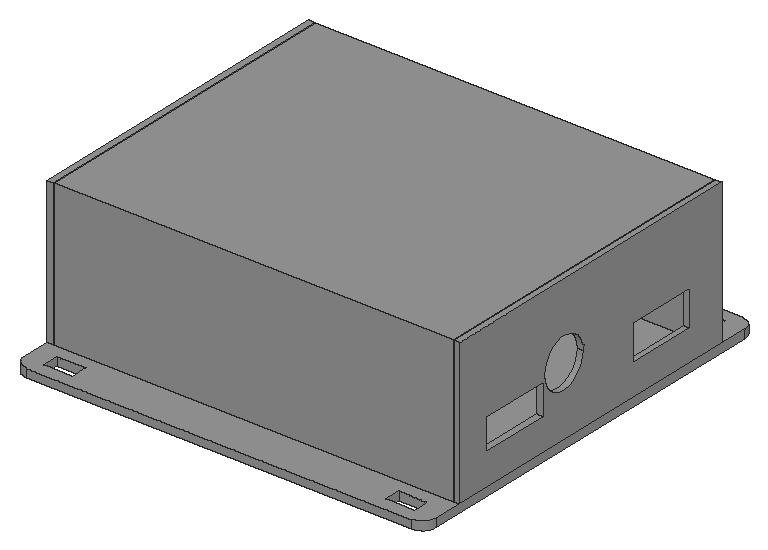
Revit family "Kombischutzgerät 3in1- PND-3in1-C-OS", category Generic Models, Revit 2017
Family settings
  Can host rebar = No
  Round Connector Dimension = Use Diameter
  Part Type = Normal
  Work Plane-Based = No
  Always vertical = Yes
  Cut with Voids When Loaded = No
  Shared = No
  Room Calculation Point = No
Parameters (values of type "PND-3in1-C-OS")
  URL = "http://www.obo-bettermann.com"
  Material = Aluminium
  Manufacturer Art.No. = "5081072"
  Manufacturer = "OBO BETTERMANN"
  GTIN = "4012196676972"
  Article Type = "PND-3in1-C-OS"
Reference planes
  plane 1 "Center (Front/Back)": y = 0
  plane 2: z = 0
  plane 3 "Center (Left/Right)": x = 0
  plane 4: z = 2
  plane 5: y = 95
  plane 6: x = 8.5
  plane 7: x = 50
  plane 8: y = 50
  plane 9: y = 95
  plane 10: x = 91.5
  plane 11: y = 5
  plane 12: x = 91.5
  plane 13: y = 5
  plane 14: x = 8.5
  plane 15: z = 37.1
  plane 16: y = 89.7
  plane 17: y = 10.3
  plane 18: x = 98.494
  plane 19: x = 1.5
  plane 20: y = 42.05
  plane 21: z = 18.75
  plane 22: y = 35.7
  plane 23: z = 17.3
  plane 24: y = 80.2
  plane 25: z = 18.25
Forms (mm)
  Extrusion 1, solid, material "Aluminium"
    sketch origin (0, 0, 0) x (1, 0, 0) y (0, 1, 0)
      loop
        line (3.3, 0) -> (96.7, 0)
        arc (96.7, 0) -> (99.033, 0.967) -> (100, 3.3) r 3.3
        line (100, 3.3) -> (100, 96.7)
        arc (100, 96.7) -> (99.033, 99.033) -> (96.7, 100) r 3.3
        line (96.7, 100) -> (3.3, 100)
        arc (3.3, 100) -> (0.967, 99.033) -> (0, 96.7) r 3.3
        line (0, 96.7) -> (0, 3.3)
        arc (0, 3.3) -> (0.967, 0.967) -> (3.3, 0) r 3.3
    from 0 to 2
  Extrusion 2, void
    sketch origin (0, 0, 0) x (1, 0, 0) y (0, 1, 0)
      loop
        line (5.01, 96.991) -> (5.01, 92.991) -> (12.01, 92.991) -> (12.01, 96.991) -> (5.01, 96.991)
    from 0 to 2
  Extrusion 3, void
    sketch origin (100, 0, 0) x (-1, 0, 0) y (0, -1, 0)
      loop
        line (5.01, -96.991) -> (12.01, -96.991) -> (12.01, -92.991) -> (5.01, -92.991) -> (5.01, -96.991)
    from 0 to 2
  Extrusion 4, void
    sketch origin (100, 100, 0) x (-1, 0, 0) y (0, -1, 0)
      loop
        line (5.01, 96.991) -> (5.01, 92.991) -> (12.01, 92.991) -> (12.01, 96.991) -> (5.01, 96.991)
    from 0 to 2
  Extrusion 5, void
    sketch origin (0, 100, 0) x (1, 0, 0) y (0, 1, 0)
      loop
        line (5.01, -96.991) -> (12.01, -96.991) -> (12.01, -92.991) -> (5.01, -92.991) -> (5.01, -96.991)
    from 0 to 2
  Extrusion 6, solid, material "Aluminium" <- "Material"
    sketch origin (0, 0, 0) x (0, 1, 0) y (0, 0, 1)
      loop
        line (10.3, 2) -> (12.3, 2) -> (12.3, 35.1) -> (87.7, 35.1) -> (87.7, 2) -> (89.7, 2) -> (89.7, 37.1) -> (10.3, 37.1) -> (10.3, 2)
    from 1.5 to 98.494
  Extrusion 7, solid, material "Aluminium" <- "Material"
    sketch origin (0, 0, 0) x (0, 1, 0) y (0, 0, 1)
      loop
        line (10.3, 2) -> (89.7, 2) -> (89.7, 37.1) -> (10.3, 37.1) -> (10.3, 2)
    from 98.494 to 100
  Extrusion 8, solid, material "Aluminium" <- "Material"
    sketch origin (0, 0, 0) x (0, 1, 0) y (0, 0, 1)
      loop
        line (10.3, 2) -> (89.7, 2) -> (89.7, 37.1) -> (10.3, 37.1) -> (10.3, 2)
    from 0 to 1.5
  Extrusion 9, void
    sketch origin (0, 0, 0) x (0, 1, 0) y (0, 0, 1)
      loop
        circle (42.05, 18.75) r 6
    from 0 to 1.5
  Extrusion 10, void
    sketch origin (0, 0, 0) x (0, 1, 0) y (0, 0, 1)
      loop
        line (18.415, 17.3) -> (18.415, 9.8) -> (35.7, 9.8) -> (35.7, 17.3) -> (18.415, 17.3)
      loop
        line (62.9, 18.25) -> (62.9, 9.55) -> (80.2, 9.55) -> (80.2, 18.25) -> (62.9, 18.25)
    from 0 to 1.5
  Extrusion 11, void
    sketch origin (0, 0, 0) x (0, 1, 0) y (0, 0, 1)
      loop
        line (18.415, 17.3) -> (18.415, 9.8) -> (35.7, 9.8) -> (35.7, 17.3) -> (18.415, 17.3)
      loop
        line (62.9, 18.25) -> (62.9, 9.55) -> (80.2, 9.55) -> (80.2, 18.25) -> (62.9, 18.25)
      loop
        circle (41.943, 18.761) r 6
    from 98.494 to 100
Cuts and joins
  Extrusion 2, Extrusion 3, Extrusion 4, Extrusion 5 cuts Extrusion 1
  Extrusion 9, Extrusion 10, Extrusion 11 cuts Extrusion 7
  Extrusion 9, Extrusion 10 cuts Extrusion 8
Dimensions and locks
  locked: Extrusion 1 sketch curve to Extrusion 1 sketch curve at 100  (x2)
  locked: Extrusion 1 to plane 5 at 5
  locked: Extrusion 2 sketch curve to Extrusion 2 sketch curve at 7
  locked: Extrusion 2 sketch curve to plane 6 at 3.49
  locked: Extrusion 2 sketch curve to Extrusion 2 sketch curve at 4
  locked: plane 5 to Extrusion 2 sketch curve at 1.991
  locked: cut or joined group of Extrusion 1, Extrusion 2, Extrusion 3, Extrusion 4, Extrusion 5 to plane 7 at 50
  locked: cut or joined group of Extrusion 1, Extrusion 2, Extrusion 3, Extrusion 4, Extrusion 5 to plane 8 at 50
  locked: Extrusion 3 sketch curve to Extrusion 3 sketch curve at 7
  locked: Extrusion 3 sketch curve to plane 10 at 3.49
  locked: Extrusion 3 sketch curve to Extrusion 3 sketch curve at 4
  locked: plane 9 to Extrusion 3 sketch curve at 1.991
  locked: Extrusion 4 sketch curve to Extrusion 4 sketch curve at 7
  locked: Extrusion 4 sketch curve to plane 12 at 3.49
  locked: Extrusion 4 sketch curve to Extrusion 4 sketch curve at 4
  locked: plane 11 to Extrusion 4 sketch curve at 1.991
  locked: Extrusion 5 sketch curve to Extrusion 5 sketch curve at 7
  locked: Extrusion 5 sketch curve to plane 14 at 3.49
  locked: Extrusion 5 sketch curve to Extrusion 5 sketch curve at 4
  locked: plane 13 to Extrusion 5 sketch curve at 1.991
  locked: cut or joined group of Extrusion 1, Extrusion 2, Extrusion 3, Extrusion 4, Extrusion 5 to plane 15 at 37.1
  locked: plane 18 to cut or joined group of Extrusion 1, Extrusion 2, Extrusion 3, Extrusion 4, Extrusion 5 at 1.506
  locked: Extrusion 6 to Extrusion 6 at 79.4
  locked: Extrusion 6 to cut or joined group of Extrusion 1, Extrusion 2, Extrusion 3, Extrusion 4, Extrusion 5 at 35.1
  locked: Extrusion 7 to Extrusion 7 at 79.4
  locked: Extrusion 7 to Extrusion 7 at 35.1
  locked: plane 20 to Extrusion 9 sketch curve at 6
  locked: plane 20 to Extrusion 9 sketch curve at 0
  locked: Extrusion 10 sketch curve to Extrusion 10 sketch curve at 17.285
  locked: Extrusion 10 sketch curve to Extrusion 10 sketch curve at 7.5
  locked: cut or joined group of Extrusion 7, Extrusion 9, Extrusion 10, Extrusion 11 to plane 24 at 69.9
  locked: cut or joined group of Extrusion 7, Extrusion 9, Extrusion 10, Extrusion 11 to plane 25 at 16.25
  locked: plane 25 to Extrusion 10 sketch curve at 8.7
  locked: Extrusion 10 sketch curve to Extrusion 10 sketch curve at 17.3
  Extrusion 10 sketch curve to Extrusion 10 sketch curve = 7.5 mm
  Extrusion 10 sketch curve to Extrusion 10 sketch curve = 17.3 mm
  locked: Extrusion 10 sketch curve to Extrusion 10 sketch curve at 8.7
  locked: cut or joined group of Extrusion 8, Extrusion 9, Extrusion 10 to cut or joined group of Extrusion 8, Extrusion 9, Extrusion 10 at 7.5
  locked: cut or joined group of Extrusion 7, Extrusion 9, Extrusion 10, Extrusion 11 to cut or joined group of Extrusion 8, Extrusion 9, Extrusion 10 at 10.75
  locked: cut or joined group of Extrusion 8, Extrusion 9, Extrusion 10 to plane 8 at 1.95
  aligned and locked: level to plane 2
  aligned and locked: Extrusion 1 to plane 4
  aligned and locked: Extrusion 2 to level
  aligned and locked: Extrusion 1 to Extrusion 2
  aligned and locked: Extrusion 6 sketch curve to plane 4
  aligned and locked: plane 4 to Extrusion 6 sketch curve
  aligned and locked: Extrusion 6 to plane 4  (x2)
  aligned and locked: Extrusion 6 to plane 19
  aligned and locked: Extrusion 7 sketch curve to Extrusion 6
  aligned and locked: Extrusion 7 to Extrusion 6
  aligned and locked: cut or joined group of Extrusion 1, Extrusion 2, Extrusion 3, Extrusion 4, Extrusion 5 to Extrusion 7
  aligned and locked: Extrusion 8 to plane 4
  aligned and locked: plane 15 to Extrusion 8
  aligned and locked: cut or joined group of Extrusion 1, Extrusion 2, Extrusion 3, Extrusion 4, Extrusion 5 to Extrusion 8
  aligned and locked: Extrusion 8 to Extrusion 6
  aligned and locked: Extrusion 9 to Extrusion 6
  aligned and locked: Extrusion 10 to plane 3 "Center (Left/Right)"
  aligned and locked: Extrusion 10 to Extrusion 6
  aligned and locked: Extrusion 11 sketch curve to cut or joined group of Extrusion 8, Extrusion 9, Extrusion 10  (x8)
  aligned and locked: Extrusion 7 to plane 18
  aligned and locked: cut or joined group of Extrusion 1, Extrusion 2, Extrusion 3, Extrusion 4, Extrusion 5 to Extrusion 11
Automatic sketch dimensions
  Extrusion 1 sketch curve to plane 3 "Center (Left/Right)" = 0 mm
  plane 1 "Center (Front/Back)" to Extrusion 1 sketch curve = 0 mm
  plane 3 "Center (Left/Right)" to Extrusion 1 sketch curve = 3.3 mm
  Extrusion 1 sketch curve to plane 1 "Center (Front/Back)" = 3.3 mm
  Extrusion 1 sketch curve to Extrusion 1 sketch curve = 3.3 mm  (x2)
  Extrusion 6 sketch curve to plane 15 = 0 mm
  Extrusion 6 sketch curve to plane 17 = 0 mm
  Extrusion 6 sketch curve to plane 16 = 0 mm
  Extrusion 6 sketch curve to Extrusion 6 sketch curve = 2 mm
  Extrusion 6 sketch curve to plane 16 = 2 mm
  Extrusion 6 sketch curve to plane 15 = 2 mm
  Extrusion 7 sketch curve to plane 15 = 0 mm
  Extrusion 7 sketch curve to plane 17 = 0 mm
  Extrusion 7 sketch curve to plane 16 = 0 mm
  Extrusion 8 sketch curve to plane 15 = 0 mm
  Extrusion 8 sketch curve to plane 17 = 0 mm
  Extrusion 8 sketch curve to plane 4 = 0 mm
  Extrusion 8 sketch curve to plane 16 = 0 mm
  Extrusion 9 sketch curve to plane 21 = 0 mm
  Extrusion 10 sketch curve to plane 23 = 0 mm
  Extrusion 10 sketch curve to plane 22 = 0 mm
  Extrusion 10 sketch curve to plane 24 = 0 mm
  Extrusion 11 sketch curve to Extrusion 11 sketch curve = 6.243 mm
  Extrusion 11 sketch curve to Extrusion 11 sketch curve = 1.461 mm
  radius of Extrusion 11 sketch curve = 6 mm
